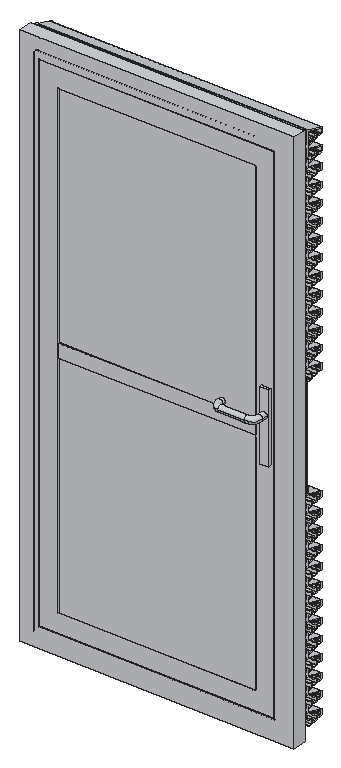
Revit family "NLRS_31_DO_WB_HS50R enkele deur-AV_jazo_jazo", category Doors, host Wall, Revit 2020 (continued)
Definition of nested family "NLRS_31_GM_UN_scharnier staal HS50R HJ55-AV"
  Forms (mm)
    Extrusion 2, solid, material <- "NLRS_C_materiaal", visible <- "NLRS_C_zichtbaar_01"
      sketch origin (0, 0, 0) x (1, 0, 0) y (0, 1, 0)
        loop
          circle (0, 0) r 9.5
      from 84 to 159
    Extrusion 3, solid, material <- "NLRS_C_materiaal", visible <- "NLRS_C_zichtbaar_01"
      sketch origin (0, 0, 0) x (1, 0, 0) y (0, 1, 0)
        loop
          circle (0, 0) r 9
      from 75 to 84
    Extrusion 4, solid, material <- "NLRS_C_materiaal", visible <- "NLRS_C_zichtbaar_01"
      sketch origin (0, 0, 0) x (1, 0, 0) y (0, 1, 0)
        loop
          circle (0, 0) r 8.5
      from 0 to 75
    Extrusion 5, solid, material <- "NLRS_C_materiaal", visible <- "NLRS_C_zichtbaar_01"
      sketch origin (0, 0, 0) x (1, 0, 0) y (0, 1, 0)
        loop
          line (-5, -68) -> (-1, -72) -> (24.5, -72) -> (24.5, -74) -> (75, -74) -> (75, -68)
          arc (75, -68) -> (73.536, -64.464) -> (70, -63) r 5
          line (70, -63) -> (13, -63)
          arc (13, -63) -> (7.343, -60.657) -> (5, -55) r 8
          line (5, -55) -> (5, -9.5) -> (-5, -9.5) -> (-5, -68)
      from 89.5 to 153.5
  Dimensions and locks
    locked: plane 5 "Left" to plane 3 "Center (Left/Right)" at 20
    locked: plane 4 "voorkant kozijn" to plane 1 "Center (Front/Back)" at 74
    aligned and locked: level to plane 2 "Bottom"
Definition of nested family "NLRS_31_GM_UN_aluminium kozijn-AV"
  Parameters (values of type "aluminium kozijn")
    URL = "www.jazo.com"
    NLRS_C_zichtbaar_01 = no
    NLRS_C_materiaal = none
    NLRS_C_hoogte = 2000 mm
    NLRS_C_diepte = 50 mm
    NLRS_C_breedte = 1000 mm
    Model = "Aluminium kozijn"
    Manufacturer = "JAZO Zevenaar bv"
    Description = "Aluminium kozijn"
    Default Elevation = 0 mm
    Assembly Code = "23.30.10.11.11"
  Reference planes
    plane 1 "Center (Front/Back)": y = 0
    plane 2 "Bottom": z = 0
    plane 3 "Center (Left/Right)": x = 0
    plane 4 "Left": x = -500
    plane 5 "Right": x = 500
    plane 6 "Top": z = 2000
    plane 7 "voorkant kozijn": y = 25
    plane 8 "offset": y = 0
    plane 9 "achterkant kozijn": y = -25
    plane 10 "offset links 1": x = -480
    plane 11 "offset boven": z = 1980
    plane 12 "offset rechts 1": x = 480
    plane 13 "offset links 2": x = -448
    plane 14 "offset rechts 2": x = 448
  Forms (mm)
    Sweep 1, solid, material <- "NLRS_C_materiaal", visible <- "NLRS_C_zichtbaar_01"
      path origin (0, 0, 0) x (1, 0, 0) y (0, 0, 1)
        loop
          line (-500, 0) -> (500, 0) -> (500, 2000) -> (-500, 2000) -> (-500, 0)
      profile origin (0, 0, 0) x (0, 0, 1) y (0, -1, 0)
        loop
          line (0, 30) -> (0, -30) -> (20, -30) -> (20, 4.5) -> (52, 4.5) -> (52, 30) -> (0, 30)
    Sweep 2, solid, material <- "NLRS_C_materiaal", visible <- "NLRS_C_zichtbaar_01"
      path origin (0, 0, 0) x (1, 0, 0) y (0, 0, 1)
        loop
          line (-480, 1980) -> (480, 1980)
      profile origin (0, 0, 1980) x (0, 0, 1) y (0, -1, 0)
        loop
          line (0, 4.5) -> (-2, 4.5) -> (-2, -30) -> (-4.657, -39.654)
          arc (-4.657, -39.654) -> (-5.372, -40.723) -> (-6.589, -41.137) r 2
          line (-6.589, -41.137) -> (-13.04, -41.137) -> (-13.04, -43.137) -> (-6.589, -43.137)
          arc (-6.589, -43.137) -> (-4.154, -42.31) -> (-2.726, -40.172) r 4
          line (-2.726, -40.172) -> (0, -30) -> (0, 4.5)
  Lines and regions (mm)
    symbolic lines, visible <- "NLRS_C_zichtbaar_01"
      curve 1: line (-448, -25, 0) -> (448, -25, 0)
      curve 2: line (-480, 25, 0) -> (480, 25, 0)
      curve 3: line (0, 25, 1980) -> (0, 25, 20)
      curve 4: line (0, -25, 52) -> (0, -25, 1948)
      curve 5: line (-448, -4.5, 0) -> (448, -4.5, 0)
  Dimensions and locks
    "NLRS_C_hoogte": plane 6 "Top" to plane 2 "Bottom"
    "NLRS_C_breedte": plane 4 "Left" to plane 5 "Right"
    equal spacing: plane 4 "Left", plane 3 "Center (Left/Right)", plane 5 "Right"
    "NLRS_C_diepte": plane 7 "voorkant kozijn" to plane 9 "achterkant kozijn"
    equal spacing: plane 7 "voorkant kozijn", plane 1 "Center (Front/Back)", plane 9 "achterkant kozijn"
    locked: plane 4 "Left" to plane 10 "offset links 1" at 20
    locked: plane 6 "Top" to plane 11 "offset boven" at 20
    plane 12 "offset rechts 1" to plane 5 "Right" = 20 mm
    locked: plane 10 "offset links 1" to plane 13 "offset links 2" at 32
    locked: plane 14 "offset rechts 2" to plane 12 "offset rechts 1" at 32
    aligned and locked: level to plane 2 "Bottom"
    aligned and locked: plane 9 "achterkant kozijn" to nested 3
    aligned and locked: nested 4 to plane 9 "achterkant kozijn"
    aligned and locked: nested 1 to plane 9 "achterkant kozijn"
    aligned and locked: plane 9 "achterkant kozijn" to nested 2
    aligned and locked: Sweep 1 sketch curve to plane 6 "Top"
    aligned and locked: plane 5 "Right" to Sweep 1 sketch curve
    aligned and locked: Sweep 1 sketch curve to plane 4 "Left"
    aligned and locked: level to Sweep 1 sketch curve
    aligned and locked: plane 5 "Right" to nested 2
    aligned and locked: plane 4 "Left" to nested 1
    aligned and locked: plane 6 "Top" to nested 3
    aligned and locked: plane 2 "Bottom" to nested 4
    aligned and locked: Sweep 2 sketch curve to plane 11 "offset boven"
    aligned and locked: plane 12 "offset rechts 1" to Sweep 2 sketch curve
    aligned and locked: plane 10 "offset links 1" to Sweep 2 sketch curve
    aligned and locked: curve 1 to plane 9 "achterkant kozijn"
    aligned and locked: curve 2 to plane 7 "voorkant kozijn"
    aligned and locked: plane 11 "offset boven" to Sweep 2
    aligned and locked: plane 7 "voorkant kozijn" to curve 3
    aligned and locked: curve 4 to plane 9 "achterkant kozijn"
  Automatic sketch dimensions
    Sweep 1 sketch curve to profile plane = 0 mm
    plane 1 "Center (Front/Back)" to Sweep 1 sketch curve = 4.5 mm
    Sweep 1 sketch curve to Sweep 1 sketch curve = 20 mm
    Sweep 1 sketch curve to Sweep 1 sketch curve = 32 mm
    Sweep 1 sketch curve to plane 1 "Center (Front/Back)" = 30 mm
    plane 1 "Center (Front/Back)" to Sweep 1 sketch curve = 30 mm
    Sweep 2 sketch curve to Sweep 2 sketch curve = 0 mm  (x3)
    profile plane to Sweep 2 sketch curve = 0 mm
    profile plane to Sweep 2 sketch curve = 2 mm
    profile plane to Sweep 2 sketch curve = 2.726 mm
    Sweep 2 sketch curve to Sweep 2 sketch curve = 1.932 mm  (x2)
    Sweep 2 sketch curve to Sweep 2 sketch curve = 6.451 mm
    Sweep 2 sketch curve to plane 1 "Center (Front/Back)" = 43.137 mm
    Sweep 2 sketch curve to Sweep 2 sketch curve = 2 mm
    Sweep 2 sketch curve to Sweep 2 sketch curve = 0.965 mm
    Sweep 2 sketch curve to Sweep 2 sketch curve = 10.172 mm
    plane 1 "Center (Front/Back)" to Sweep 2 sketch curve = 4.5 mm
    level to curve 3 = 20 mm
    level to curve 4 = 52 mm
    curve 4 to plane 11 "offset boven" = 32 mm
    curve 3 to plane 11 "offset boven" = 0 mm
    curve 2 to plane 10 "offset links 1" = 0 mm
    curve 5 to plane 13 "offset links 2" = 0 mm
    curve 1 to plane 13 "offset links 2" = 0 mm
    curve 5 to plane 14 "offset rechts 2" = 0 mm
    curve 1 to plane 14 "offset rechts 2" = 0 mm
    curve 2 to plane 12 "offset rechts 1" = 0 mm
    plane 1 "Center (Front/Back)" to curve 5 = 4.5 mm
  Nested families
    nested 1: "NLRS_31_DI_UN_alu kozijn detail" at (-500, 35, 0), visible <- "NLRS_C_zichtbaar_01", type "alu kozijn detail"
    nested 2: "NLRS_31_DI_UN_alu kozijn detail" at (500, 35, 0) x (-1, 0, 0) z (0, 0, 1), visible <- "NLRS_C_zichtbaar_01", type "alu kozijn detail"
    nested 3: "NLRS_31_DI_UN_alu kozijn detail" at (0, 35, 2000) x (0, 0, -1) z (1, 0, 0), visible <- "NLRS_C_zichtbaar_01", type "alu kozijn detail"
    nested 4: "NLRS_31_DI_UN_alu kozijn detail" at (0, 35, 0) x (0, 0, 1) z (1, 0, 0), visible <- "NLRS_C_zichtbaar_01", type "alu kozijn detail"
  Definition of nested family "NLRS_31_DI_UN_alu kozijn detail"
    Parameters (values of type "alu kozijn detail")
      URL = "www.jazo.com"
      Manufacturer = "Jazo Zevenaar BV"
      Description = "Aluminium kozijn detail"
      Assembly Code = "23.30.10.11.11"
    Reference planes
      plane 1 "Center (Front/Back)": y = 0
      plane 2: z = 0
      plane 3 "Center (Left/Right)": x = 0
    Lines and regions (mm)
      detail lines, in view "Ref. Level"
        curve 1: line (16.3, 18, 0) -> (16.3, 30, 0)
        curve 2: line (16.3, 30, 0) -> (18, 31.7, 0)
        curve 3: line (18, 31.7, 0) -> (18, 35.5, 0)
        curve 4: arc (18, 35.5, 0) -> (18.293, 36.207, 0) -> (19, 36.5, 0) r 1
        curve 5: line (19, 36.5, 0) -> (39.6, 36.5, 0)
        curve 6: line (39.6, 36.5, 0) -> (39.6, 38.3, 0)
        curve 7: arc (39.6, 38.3, 0) -> (39.893, 39.007, 0) -> (40.6, 39.3, 0) r 1
        curve 8: line (40.6, 39.3, 0) -> (50, 39.3, 0)
        curve 9: line (50, 39.3, 0) -> (50, 54.5, 0)
        curve 10: line (50, 54.5, 0) -> (48, 54.5, 0)
        curve 11: line (48, 54.5, 0) -> (48, 56, 0)
        curve 12: line (48, 56, 0) -> (50, 56, 0)
        curve 13: line (50, 56, 0) -> (50, 58, 0)
        curve 14: line (50, 58, 0) -> (18.3, 58, 0)
        curve 15: line (18.3, 58, 0) -> (18.3, 56, 0)
        curve 16: line (18.3, 56, 0) -> (20.3, 56, 0)
        curve 17: line (20.3, 56, 0) -> (20.3, 54.5, 0)
        curve 18: line (20.3, 54.5, 0) -> (18.3, 54.5, 0)
        curve 19: line (18.3, 54.5, 0) -> (18.3, 52, 0)
        curve 20: arc (18.3, 52, 0) -> (17.3, 51, 0) -> (16.3, 52, 0) r 1
        curve 21: line (16.3, 52, 0) -> (16.3, 58, 0)
        curve 22: line (16.3, 58, 0) -> (4, 58, 0)
        curve 23: line (4, 58, 0) -> (4, 48, 0)
        curve 24: line (4, 48, 0) -> (5.7, 47.019, 0)
        curve 25: line (5.7, 47.019, 0) -> (5.7, 38.1, 0)
        curve 26: line (5.7, 38.1, 0) -> (4, 37.119, 0)
        curve 27: line (4, 37.119, 0) -> (4, 29.491, 0)
        curve 28: line (4, 29.491, 0) -> (5.7, 28.51, 0)
        curve 29: line (5.7, 28.51, 0) -> (5.7, 12.981, 0)
        curve 30: line (5.7, 12.981, 0) -> (4, 12, 0)
        curve 31: line (4, 12, 0) -> (4, 4.5, 0)
        curve 32: line (4, 4.5, 0) -> (5.7, 3.519, 0)
        curve 33: line (5.7, 3.519, 0) -> (5.7, 2, 0)
        curve 34: line (5.7, 2, 0) -> (16.3, 2, 0)
        curve 35: line (16.3, 2, 0) -> (16.3, 9, 0)
        curve 36: line (16.3, 9, 0) -> (18, 9.981, 0)
        curve 37: line (18, 9.981, 0) -> (18, 16.3, 0)
        curve 38: line (18, 16.3, 0) -> (16.3, 18, 0)
        curve 39: line (42.724, 34.5, 0) -> (20, 34.5, 0)
        curve 40: line (20, 34.5, 0) -> (20, 25, 0)
        curve 41: line (20, 34.5, 0) -> (20, 0, 0)
        curve 42: line (20, 0, 0) -> (0, 0, 0)
        curve 43: line (0, 0, 0) -> (0, 2, 0)
        curve 44: line (0, 2, 0) -> (2, 2, 0)
        curve 45: line (2, 2, 0) -> (2, 12, 0)
        curve 46: line (2, 12, 0) -> (0, 12, 0)
        curve 47: line (0, 12, 0) -> (0, 14, 0)
        curve 48: line (0, 14, 0) -> (2, 14, 0)
        curve 49: line (2, 14, 0) -> (2, 46, 0)
        curve 50: line (2, 46, 0) -> (0, 46, 0)
        curve 51: line (0, 46, 0) -> (0, 48, 0)
        curve 52: line (0, 48, 0) -> (2, 48, 0)
        curve 53: line (2, 48, 0) -> (2, 58, 0)
        curve 54: line (2, 58, 0) -> (0, 58, 0)
        curve 55: line (0, 58, 0) -> (0, 60, 0)
        curve 56: line (0, 60, 0) -> (52, 60, 0)
        curve 57: line (52, 60, 0) -> (52, 34.5, 0)
        curve 58: line (52, 34.5, 0) -> (48.876, 34.5, 0)
        curve 59: line (42.724, 34.5, 0) -> (20, 34.5, 0)
        curve 60: line (41.6, 35.5, 0) -> (43, 35.5, 0)
        curve 61: line (41.6, 37.3, 0) -> (41.6, 35.5, 0)
        curve 62: line (50, 37.3, 0) -> (41.6, 37.3, 0)
        curve 63: line (50, 35.5, 0) -> (50, 37.3, 0)
        curve 64: line (48.6, 35.5, 0) -> (50, 35.5, 0)
        curve 65: arc (42.724, 34.5, 0) -> (43.243, 34.895, 0) -> (43, 35.5, 0) r 0.538
        curve 66: arc (48.876, 34.5, 0) -> (48.357, 34.895, 0) -> (48.6, 35.5, 0) r 0.538
Definition of nested family "NLRS_31_GM_UN_aluminium planken opbouwroosters-AV"
  Parameters (values of type "aluminium planken")
    URL = "www.jazo.com"
    NLRS_C_zichtbaar_02 = if(JAZO_C_aluminium kozijn, if(and(NLRS_C_inbraakwerend, JAZO_C_ventilerend), 1 < 2, if(and(NLRS_C_inbraakwerend, JAZO_C_ventilerend), 1 < 2, 2 < 1)), 2 < 1)  # no
    NLRS_C_zichtbaar_01 = if(JAZO_C_aluminium kozijn, if(or(JAZO_C_niet ventilerend, NLRS_C_zichtbaar_02), 1 < 2, 2 < 1), 2 < 1)  # yes
    NLRS_C_offset_01 = 10 mm
    NLRS_C_materiaal = none
    NLRS_C_inbraakwerend = no
    NLRS_C_hoogte_04 = (NLRS_C_hoogte / 2) - 102.5 mm - 138 mm  # 1159.5 mm
    NLRS_C_hoogte_03 = (NLRS_C_hoogte / 2) - 102.5 mm - 142 mm  # 1155.5 mm
    NLRS_C_hoogte_02 = NLRS_C_hoogte - 33 mm - 37 mm  # 2730 mm
    NLRS_C_hoogte = 2800 mm
    NLRS_C_diepte = 60 mm  # constant formula
    NLRS_C_breedte_03 = NLRS_C_breedte - (129 mm * 2)  # 1142 mm
    NLRS_C_breedte_02 = NLRS_C_breedte - (123.5 mm * 2)  # 1153 mm
    NLRS_C_breedte_01 = NLRS_C_breedte - 24 mm * 2  # 1352 mm
    NLRS_C_breedte = 1400 mm
    NLRS_C_aantal_02 = NLRS_C_hoogte_04 / 20 mm  # 58
    NLRS_C_aantal_01 = NLRS_C_hoogte_03 / 20 mm  # 58
    Model = ""
    Manufacturer = "JAZO Zevenaar bv"
    Keynote = ""
    JAZO_C_ventilerend = no
    JAZO_C_niet ventilerend = yes
    JAZO_C_aluminium kozijn = yes
    Description = "Aluminium planken"
    Default Elevation = 0 mm
    Assembly Code = "23.30.10.11"
  Reference planes
    plane 1 "Center (Front/Back)": y = 0
    plane 2 "Bottom": z = 0
    plane 3 "Center (Left/Right)": x = 0
    plane 4 "Left": x = -700
    plane 5 "Right": x = 700
    plane 6 "Top": z = 2800
    plane 7 "voorkant kozijn": y = 30
    plane 8 "achterkant kozijn": y = -30
    plane 9 "offset b": z = 2763
    plane 10 "offset o": z = 33
    plane 11 "onder 1": z = 138
    plane 12 "boven 1": z = 1297.5
    plane 13 "Center (Elevation)": z = 1400
    plane 14 "onder 2": z = 1502.5
    plane 15 "boven 2": z = 2658
    plane 16 "offset left": x = -676
    plane 17 "boven 3": x = 676
    plane 18 "offset links 2": x = -571
    plane 19 "offset rechts 2": x = 571
    plane 20 "offset bottom": y = -7.192
    plane 21 "offset top": y = 7.192
    plane 22 "achterkant plank": y = -15.008
    plane 23 "voorkant plank": y = 15.008
    plane 24: x = -561
    plane 25: x = 561
    plane 26: z = 2648
    plane 27: z = 1512.5
    plane 28: z = 1287.5
    plane 29: z = 148
  Forms (mm)
    Extrusion 1, solid, material <- "NLRS_C_materiaal", visible <- "NLRS_C_zichtbaar_01"
      sketch origin (0, 0, 0) x (1, 0, 0) y (0, 0, 1)
        loop
          line (-571, 2658) -> (-571, 1502.5) -> (571, 1502.5) -> (571, 2658) -> (-571, 2658)
        loop
          line (-571, 1297.5) -> (-571, 138) -> (571, 138) -> (571, 1297.5) -> (-571, 1297.5)
      from -7.192 to 7.192
    Extrusion 2, solid, visible <- "NLRS_C_zichtbaar_02"
      sketch origin (1000, 0, 0) x (1, 0, 0) y (0, 0, 1)
        loop
          line (-1561, 2648) -> (-1561, 1512.5) -> (-439, 1512.5) -> (-439, 2648) -> (-1561, 2648)
        loop
          line (-1561, 1287.5) -> (-1561, 148) -> (-439, 148) -> (-439, 1287.5) -> (-1561, 1287.5)
      from -7.192 to 7.192
  Lines and regions (mm)
    symbolic lines, visible <- "JAZO_C_aluminium kozijn"
      curve 1: line (-576.485, -15.008, 0) -> (576.485, -15.008, 0)
      curve 2: line (576.485, 15.008, 0) -> (-576.485, 15.008, 0)
  Dimensions and locks
    "NLRS_C_hoogte": plane 6 "Top" to plane 2 "Bottom"
    "NLRS_C_breedte": plane 4 "Left" to plane 5 "Right"
    equal spacing: plane 4 "Left", plane 3 "Center (Left/Right)", plane 5 "Right"
    "NLRS_C_diepte": plane 7 "voorkant kozijn" to plane 8 "achterkant kozijn"
    equal spacing: plane 7 "voorkant kozijn", plane 1 "Center (Front/Back)", plane 8 "achterkant kozijn"
    locked: plane 10 "offset o" to plane 2 "Bottom" at 33
    locked: plane 6 "Top" to plane 9 "offset b" at 37
    plane 9 "offset b" to plane 10 "offset o" = 2730 mm
    equal spacing: plane 6 "Top", plane 13 "Center (Elevation)", plane 2 "Bottom"
    locked: plane 13 "Center (Elevation)" to plane 12 "boven 1" at 102.5
    locked: plane 11 "onder 1" to plane 2 "Bottom" at 138
    locked: plane 14 "onder 2" to plane 13 "Center (Elevation)" at 102.5
    locked: plane 6 "Top" to plane 15 "boven 2" at 142
    equal spacing: plane 16 "offset left", plane 3 "Center (Left/Right)", plane 17 "boven 3"
    "NLRS_C_breedte_01": plane 16 "offset left" to plane 17 "boven 3"
    "NLRS_C_breedte_03": plane 18 "offset links 2" to plane 19 "offset rechts 2"
    equal spacing: plane 18 "offset links 2", plane 3 "Center (Left/Right)", plane 19 "offset rechts 2"
    equal spacing: plane 22 "achterkant plank", plane 1 "Center (Front/Back)", plane 23 "voorkant plank"
    locked: plane 22 "achterkant plank" to plane 23 "voorkant plank" at 30.015
    locked: plane 21 "offset top" to plane 20 "offset bottom" at 14.385
    equal spacing: plane 21 "offset top", plane 1 "Center (Front/Back)", plane 20 "offset bottom"
    "NLRS_C_offset_01": plane 29 to plane 11 "onder 1"
    "NLRS_C_offset_01": plane 12 "boven 1" to plane 28
    "NLRS_C_offset_01": plane 27 to plane 14 "onder 2"
    "NLRS_C_offset_01": plane 15 "boven 2" to plane 26
    "NLRS_C_offset_01": plane 19 "offset rechts 2" to plane 25
    "NLRS_C_offset_01": plane 24 to plane 18 "offset links 2"
    aligned and locked: level to plane 2 "Bottom"
    aligned and locked: plane 1 "Center (Front/Back)" to nested 1
    aligned and locked: nested 1 to plane 16 "offset left"
    aligned and locked: plane 17 "boven 3" to nested 2
    aligned and locked: plane 10 "offset o" to nested 1
    aligned and locked: nested 2 to plane 10 "offset o"
    aligned and locked: plane 9 "offset b" to nested 3
    aligned and locked: plane 1 "Center (Front/Back)" to nested 3
    aligned and locked: plane 3 "Center (Left/Right)" to nested 3
    aligned and locked: plane 3 "Center (Left/Right)" to nested 4
    aligned and locked: plane 1 "Center (Front/Back)" to nested 4
    aligned and locked: plane 10 "offset o" to nested 4
    aligned and locked: plane 3 "Center (Left/Right)" to nested 5
    aligned and locked: plane 1 "Center (Front/Back)" to nested 5
    aligned and locked: plane 13 "Center (Elevation)" to nested 5
    aligned and locked: Extrusion 1 sketch curve to plane 15 "boven 2"
    aligned and locked: plane 18 "offset links 2" to Extrusion 1 sketch curve  (x2)
    aligned and locked: Extrusion 1 sketch curve to plane 14 "onder 2"
    aligned and locked: Extrusion 1 sketch curve to plane 19 "offset rechts 2"
    aligned and locked: Extrusion 1 sketch curve to plane 12 "boven 1"
    aligned and locked: Extrusion 1 sketch curve to plane 11 "onder 1"
    aligned and locked: plane 19 "offset rechts 2" to Extrusion 1 sketch curve
    aligned and locked: Extrusion 1 to plane 21 "offset top"
    aligned and locked: Extrusion 1 to plane 20 "offset bottom"
    aligned and locked: plane 22 "achterkant plank" to curve 1
    aligned and locked: plane 23 "voorkant plank" to curve 2
    aligned and locked: Extrusion 2 to plane 20 "offset bottom"
    aligned and locked: Extrusion 2 to plane 21 "offset top"
    aligned and locked: plane 24 to Extrusion 2 sketch curve  (x2)
    aligned and locked: plane 26 to Extrusion 2 sketch curve
    aligned and locked: Extrusion 2 sketch curve to plane 25  (x2)
    aligned and locked: plane 27 to Extrusion 2 sketch curve
    aligned and locked: Extrusion 2 sketch curve to plane 28
    aligned and locked: Extrusion 2 sketch curve to plane 29
  Automatic sketch dimensions
    curve 2 to plane 18 "offset links 2" = 5.485 mm
    curve 1 to plane 18 "offset links 2" = 5.485 mm
    curve 2 to plane 19 "offset rechts 2" = 5.485 mm
    curve 1 to plane 19 "offset rechts 2" = 5.485 mm
  Nested families
    nested 1: "NLRS_31_GM_UN_tussenplank 100-AV" at (-623.5, 0, 33), visible <- "JAZO_C_aluminium kozijn", type "tussenplank 100"
      with NLRS_C_zichtbaar_01 yes, NLRS_C_hoogte 2730 mm
    nested 2: "NLRS_31_GM_UN_tussenplank 100-AV" at (623.5, 0, 33) x (-1, 0, 0) z (0, 0, 1), visible <- "JAZO_C_aluminium kozijn", type "tussenplank 100"
      with NLRS_C_zichtbaar_01 yes, NLRS_C_hoogte 2730 mm
    nested 3: "NLRS_31_GM_UN_tussenplank 100 horziontaal-AV" at (0, 0, 2658), visible <- "JAZO_C_aluminium kozijn", type "tussenplank 100mm horzitontaal boven"
    nested 4: "NLRS_31_GM_UN_tussenplank 100 horziontaal-AV" at (0, 0, 33), visible <- "JAZO_C_aluminium kozijn", type "tussenplank 100mm horzitontaal onder"
    nested 5: "NLRS_31_GM_UN_tussenplank 200 horizontaal-AV" at (0, 0, 1297.5), visible <- "JAZO_C_aluminium kozijn", type "tussenplank 200mm"
      with NLRS_C_zichtbaar_01 yes, NLRS_C_breedte 1153 mm
  Definition of nested family "NLRS_31_GM_UN_tussenplank 100-AV"
    Parameters (values of type "tussenplank 100")
      URL = "www.jazo.com"
      NLRS_C_zichtbaar_01 [instance] = yes
      NLRS_C_materiaal = none
      NLRS_C_hoogte = 2334 mm
      NLRS_C_breedte = 105 mm  # constant formula
      Model = ""
      Manufacturer = "Jazo Zevenaar bv"
      Description = "Aluminium tussenplank 100mm"
      Default Elevation = 0 mm
      Assembly Code = "23.30.10.11"
    Reference planes
      plane 1 "Center (Front/Back)": y = 0
      plane 2 "Bottom": z = 0
      plane 3 "Center (Left/Right)": x = 0
      plane 4 "Left": x = -52.5
      plane 5 "Right": x = 52.5
      plane 6 "Top": z = 2334
    Forms (mm)
      Extrusion 1, solid, material <- "NLRS_C_materiaal", visible <- "NLRS_C_zichtbaar_01"
        sketch origin (0, -15.008, 0) x (1, 0, 0) y (0, 1, 0)
          loop
            line (47.015, 30) -> (-52.5, 30) -> (-52.5, 28) -> (-49.253, 28) -> (-47.015, 22.295) -> (-47.015, 7.721) -> (-49.253, 2) -> (-52.5, 2) -> (-52.5, 0) -> (47.015, 0) -> (47.015, 2.5) -> (50.42, 2.5) -> (52.5, 7.815) -> (52.5, 22.2) -> (50.42, 27.5) -> (47.015, 27.5) -> (47.015, 30)
          loop
            line (-44.5, 2) -> (-36.3, 2) -> (-36.3, 4.5) -> (-34.3, 4.5) -> (-34.3, 2) -> (45.015, 2) -> (45.015, 4.25) -> (49.8, 4.25) -> (49.8, 25.75) -> (45.015, 25.75) -> (45.015, 28) -> (-34.3, 28) -> (-34.3, 25.5) -> (-36.3, 25.5) -> (-36.3, 28) -> (-44.5, 28) -> (-44.5, 2)
        from 0 to 2334
    Dimensions and locks
      equal spacing: plane 4 "Left", plane 3 "Center (Left/Right)", plane 5 "Right"
      "NLRS_C_breedte": plane 4 "Left" to plane 5 "Right"
      "NLRS_C_hoogte": plane 6 "Top" to plane 2 "Bottom"
      aligned and locked: level to plane 2 "Bottom"
      aligned and locked: plane 6 "Top" to Extrusion 1
      aligned and locked: Extrusion 1 to level
    Automatic sketch dimensions
      Extrusion 1 sketch curve to plane 4 "Left" = 0 mm  (x2)
      Extrusion 1 sketch curve to plane 5 "Right" = 0 mm
      Extrusion 1 sketch curve to plane 4 "Left" = 3.247 mm  (x2)
      Extrusion 1 sketch curve to plane 4 "Left" = 5.485 mm
      Extrusion 1 sketch curve to Extrusion 1 sketch curve = 4.753 mm
      Extrusion 1 sketch curve to Extrusion 1 sketch curve = 8.2 mm  (x2)
      Extrusion 1 sketch curve to Extrusion 1 sketch curve = 2 mm  (x6)
      plane 5 "Right" to Extrusion 1 sketch curve = 7.485 mm  (x2)
      plane 5 "Right" to Extrusion 1 sketch curve = 2.7 mm
      Extrusion 1 sketch curve to Extrusion 1 sketch curve = 0.62 mm  (x2)
      plane 1 "Center (Front/Back)" to Extrusion 1 sketch curve = 15.008 mm
      plane 1 "Center (Front/Back)" to Extrusion 1 sketch curve = 13.008 mm
      Extrusion 1 sketch curve to Extrusion 1 sketch curve = 0 mm  (x3)
      Extrusion 1 sketch curve to Extrusion 1 sketch curve = 2.5 mm  (x2)
      Extrusion 1 sketch curve to Extrusion 1 sketch curve = 2.25 mm
      Extrusion 1 sketch curve to Extrusion 1 sketch curve = 5.721 mm
      Extrusion 1 sketch curve to Extrusion 1 sketch curve = 3.565 mm
      Extrusion 1 sketch curve to plane 1 "Center (Front/Back)" = 7.192 mm
      Extrusion 1 sketch curve to plane 1 "Center (Front/Back)" = 7.287 mm
      Extrusion 1 sketch curve to plane 1 "Center (Front/Back)" = 10.492 mm
      Extrusion 1 sketch curve to Extrusion 1 sketch curve = 3.55 mm
      Extrusion 1 sketch curve to Extrusion 1 sketch curve = 1.75 mm
      Extrusion 1 sketch curve to Extrusion 1 sketch curve = 0.5 mm
  Definition of nested family "NLRS_31_GM_UN_tussenplank 100 horziontaal-AV"
    Parameters (values of type "tussenplank 100mm horzitontaal boven")
      URL = "www.jazo.com"
      NLRS_C_zichtbaar_02 = yes
      NLRS_C_zichtbaar_01 = no
      NLRS_C_materiaal = none
      NLRS_C_hoogte = 105 mm  # constant formula
      NLRS_C_breedte = 1153 mm
      Model = ""
      Manufacturer = "Jazo Zevenaar bv"
      Description = "Aluminium tussenplank 100mm horzitontaal boven"
      Default Elevation = 0 mm
      Assembly Code = "23.30.10.11"
    Types (2, lengths in mm): name | NLRS_C_zichtbaar_02 | NLRS_C_zichtbaar_01 | Description
      tussenplank 100mm horzitontaal boven | yes | no | "Aluminium tussenplank 100mm horzitontaal boven"
      tussenplank 100mm horzitontaal onder | no | yes | "Aluminium tussenplank 100mm horzitontaal onder"
    Reference planes
      plane 1 "Center (Front/Back)": y = 0
      plane 2 "Bottom": z = 0
      plane 3 "Center (Left/Right)": x = 0
      plane 4 "Left": x = -576.5
      plane 5 "Right": x = 576.5
      plane 6 "Top": z = 105
    Forms (mm)
      Extrusion 1, solid, material <- "NLRS_C_materiaal", visible <- "NLRS_C_zichtbaar_01"
        sketch origin (0, 0, 0) x (0, 1, 0) y (0, 0, 1)
          loop
            line (14.992, 99.515) -> (12.492, 99.515) -> (12.492, 102.92) -> (7.192, 105) -> (-7.192, 105) -> (-12.508, 102.92) -> (-12.508, 99.515) -> (-15.008, 99.515) -> (-15.008, 0) -> (-13.008, 0) -> (-13.008, 3.247) -> (-7.287, 5.485) -> (7.287, 5.485) -> (12.992, 3.247) -> (12.992, 0) -> (14.992, 0) -> (14.992, 99.515)
          loop
            line (-13.008, 8) -> (12.992, 8) -> (12.992, 16.2) -> (10.492, 16.2) -> (10.492, 18.2) -> (12.992, 18.2) -> (12.992, 97.515) -> (10.742, 97.515) -> (10.742, 102.3) -> (-10.758, 102.3) -> (-10.758, 97.515) -> (-13.008, 97.515) -> (-13.008, 18.2) -> (-10.508, 18.2) -> (-10.508, 16.2) -> (-13.008, 16.2) -> (-13.008, 8)
        from -576.5 to 576.5
      Extrusion 2, solid, material <- "NLRS_C_materiaal", visible <- "NLRS_C_zichtbaar_02"
        sketch origin (0, -0.008, 105) x (0, -1, 0) y (0, 0, -1)
          loop
            line (14.992, 99.515) -> (12.492, 99.515) -> (12.492, 102.92) -> (7.192, 105) -> (-7.192, 105) -> (-12.508, 102.92) -> (-12.508, 99.515) -> (-15.008, 99.515) -> (-15.008, 0) -> (-13.008, 0) -> (-13.008, 3.247) -> (-7.287, 5.485) -> (7.287, 5.485) -> (12.992, 3.247) -> (12.992, 0) -> (14.992, 0) -> (14.992, 99.515)
          loop
            line (-13.008, 8) -> (12.992, 8) -> (12.992, 16.2) -> (10.492, 16.2) -> (10.492, 18.2) -> (12.992, 18.2) -> (12.992, 97.515) -> (10.742, 97.515) -> (10.742, 102.3) -> (-10.758, 102.3) -> (-10.758, 97.515) -> (-13.008, 97.515) -> (-13.008, 18.2) -> (-10.508, 18.2) -> (-10.508, 16.2) -> (-13.008, 16.2) -> (-13.008, 8)
        from -576.5 to 576.5
    Dimensions and locks
      equal spacing: plane 4 "Left", plane 3 "Center (Left/Right)", plane 5 "Right"
      "NLRS_C_breedte": plane 4 "Left" to plane 5 "Right"
      "NLRS_C_hoogte": plane 6 "Top" to plane 2 "Bottom"
      aligned and locked: level to plane 2 "Bottom"
      aligned and locked: plane 4 "Left" to Extrusion 1
      aligned and locked: Extrusion 1 to plane 5 "Right"
      aligned and locked: plane 4 "Left" to Extrusion 2
      aligned and locked: Extrusion 2 to plane 5 "Right"
    Automatic sketch dimensions
      plane 1 "Center (Front/Back)" to Extrusion 1 sketch curve = 15.008 mm
      Extrusion 1 sketch curve to Extrusion 1 sketch curve = 2 mm  (x5)
      level to Extrusion 1 sketch curve = 18.2 mm
      Extrusion 1 sketch curve to Extrusion 1 sketch curve = 0 mm  (x5)
      Extrusion 1 sketch curve to Extrusion 1 sketch curve = 2.5 mm  (x2)
      Extrusion 1 sketch curve to Extrusion 1 sketch curve = 2.25 mm
      Extrusion 1 sketch curve to Extrusion 1 sketch curve = 5.721 mm
      Extrusion 1 sketch curve to Extrusion 1 sketch curve = 3.565 mm
      Extrusion 1 sketch curve to Extrusion 1 sketch curve = 14.385 mm
      Extrusion 1 sketch curve to Extrusion 1 sketch curve = 14.574 mm
      level to Extrusion 1 sketch curve = 16.2 mm  (x2)
      Extrusion 1 sketch curve to Extrusion 1 sketch curve = 3.205 mm
      Extrusion 1 sketch curve to Extrusion 1 sketch curve = 3.55 mm
      Extrusion 1 sketch curve to Extrusion 1 sketch curve = 1.75 mm
      Extrusion 1 sketch curve to Extrusion 1 sketch curve = 0.5 mm
      level to Extrusion 1 sketch curve = 3.247 mm  (x2)
      Extrusion 1 sketch curve to Extrusion 1 sketch curve = 3.247 mm  (x2)
      Extrusion 1 sketch curve to Extrusion 1 sketch curve = 2.239 mm
      Extrusion 1 sketch curve to Extrusion 1 sketch curve = 4.753 mm
      Extrusion 1 sketch curve to Extrusion 1 sketch curve = 79.315 mm
      Extrusion 1 sketch curve to Extrusion 1 sketch curve = 2.785 mm
      Extrusion 1 sketch curve to Extrusion 1 sketch curve = 0.62 mm  (x2)
      Extrusion 1 sketch curve to Extrusion 1 sketch curve = 2.7 mm
      Extrusion 2 sketch curve to plane 6 "Top" = 0 mm  (x2)
      Extrusion 2 sketch curve to level = 0 mm
      level to Extrusion 2 sketch curve = 5.485 mm
      Extrusion 2 sketch curve to plane 1 "Center (Front/Back)" = 15 mm
      Extrusion 2 sketch curve to Extrusion 2 sketch curve = 2 mm  (x6)
      Extrusion 2 sketch curve to Extrusion 2 sketch curve = 0 mm  (x4)
      level to Extrusion 2 sketch curve = 2.08 mm  (x2)
      Extrusion 2 sketch curve to Extrusion 2 sketch curve = 2.5 mm  (x2)
      Extrusion 2 sketch curve to Extrusion 2 sketch curve = 2.25 mm
      Extrusion 2 sketch curve to Extrusion 2 sketch curve = 5.721 mm
      Extrusion 2 sketch curve to Extrusion 2 sketch curve = 3.565 mm
      Extrusion 2 sketch curve to Extrusion 2 sketch curve = 14.385 mm
      Extrusion 2 sketch curve to plane 6 "Top" = 5.485 mm
      Extrusion 2 sketch curve to Extrusion 2 sketch curve = 14.574 mm
      Extrusion 2 sketch curve to Extrusion 2 sketch curve = 3.205 mm
      Extrusion 2 sketch curve to Extrusion 2 sketch curve = 3.55 mm
      Extrusion 2 sketch curve to Extrusion 2 sketch curve = 1.75 mm
      Extrusion 2 sketch curve to Extrusion 2 sketch curve = 0.5 mm
      Extrusion 2 sketch curve to plane 6 "Top" = 3.247 mm
      Extrusion 2 sketch curve to Extrusion 2 sketch curve = 3.247 mm
      Extrusion 2 sketch curve to Extrusion 2 sketch curve = 4.753 mm
      Extrusion 2 sketch curve to Extrusion 2 sketch curve = 8.2 mm  (x2)
      Extrusion 2 sketch curve to Extrusion 2 sketch curve = 5.406 mm
      Extrusion 2 sketch curve to Extrusion 2 sketch curve = 0.62 mm
  Definition of nested family "NLRS_31_GM_UN_tussenplank 200 horizontaal-AV"
    Parameters (values of type "tussenplank 200mm")
      URL = "www.jazo.com"
      NLRS_C_zichtbaar_01 [instance] = yes
      NLRS_C_materiaal = none
      NLRS_C_hoogte = 205 mm  # constant formula
      NLRS_C_breedte = 1027 mm
      Model = ""
      Manufacturer = "Jazo Zevenaar bv"
      Description = "Aluminium tussenplank 200mm"
      Default Elevation = 0 mm
      Assembly Code = "23.30.10.11"
    Reference planes
      plane 1 "Center (Front/Back)": y = 0
      plane 2 "Bottom": z = 0
      plane 3 "Center (Left/Right)": x = 0
      plane 4 "Top": z = 205
      plane 5 "Left": x = -513.5
      plane 6 "Right": x = 513.5
      plane 7 "Center (Elevation)": z = 102.5
    Forms (mm)
      Extrusion 1, solid, material <- "NLRS_C_materiaal"
        sketch origin (0, 0, 0) x (0, 1, 0) y (0, 0, 1)
          loop
            line (14.992, 101.796) -> (14.284, 102.504) -> (14.992, 103.212) -> (14.992, 199.515) -> (12.492, 199.515) -> (12.492, 202.92) -> (7.192, 205) -> (-7.192, 205) -> (-12.508, 202.92) -> (-12.508, 199.515) -> (-15.008, 199.515) -> (-15.008, 103.207) -> (-14.301, 102.5) -> (-15.008, 101.793) -> (-15.008, 0) -> (-13.008, 0) -> (-13.008, 3.21) -> (-7.192, 5.485) -> (7.192, 5.485) -> (12.992, 3.21) -> (12.992, 0) -> (14.992, 0) -> (14.992, 101.796)
          loop
            line (-13.008, 8) -> (12.992, 8) -> (12.992, 16.2) -> (10.492, 16.2) -> (10.492, 18.2) -> (12.992, 18.2) -> (12.992, 103.907) -> (-13.008, 103.907) -> (-13.008, 18.2) -> (-10.508, 18.2) -> (-10.508, 16.2) -> (-13.008, 16.2) -> (-13.008, 8)
          loop
            line (-13.008, 105.907) -> (12.992, 105.907) -> (12.992, 197.515) -> (10.742, 197.515) -> (10.742, 202.3) -> (-10.758, 202.3) -> (-10.758, 197.515) -> (-13.008, 197.515) -> (-13.008, 105.907)
        from -513.5 to 513.5
    Dimensions and locks
      equal spacing: plane 5 "Left", plane 3 "Center (Left/Right)", plane 6 "Right"
      "NLRS_C_breedte": plane 5 "Left" to plane 6 "Right"
      "NLRS_C_hoogte": plane 4 "Top" to plane 2 "Bottom"
      equal spacing: plane 4 "Top", plane 7 "Center (Elevation)", level
      aligned and locked: level to plane 2 "Bottom"
      aligned and locked: plane 5 "Left" to Extrusion 1
      aligned and locked: Extrusion 1 to plane 6 "Right"
    Automatic sketch dimensions
      plane 1 "Center (Front/Back)" to Extrusion 1 sketch curve = 15.008 mm
      Extrusion 1 sketch curve to Extrusion 1 sketch curve = 0 mm  (x5)
      Extrusion 1 sketch curve to Extrusion 1 sketch curve = 0.707 mm  (x2)
      Extrusion 1 sketch curve to Extrusion 1 sketch curve = 2 mm  (x8)
      Extrusion 1 sketch curve to Extrusion 1 sketch curve = 1.293 mm
      Extrusion 1 sketch curve to Extrusion 1 sketch curve = 2.5 mm  (x2)
      Extrusion 1 sketch curve to Extrusion 1 sketch curve = 1.75 mm  (x2)
      Extrusion 1 sketch curve to Extrusion 1 sketch curve = 3.565 mm
      Extrusion 1 sketch curve to Extrusion 1 sketch curve = 5.815 mm
      Extrusion 1 sketch curve to Extrusion 1 sketch curve = 14.385 mm  (x2)
      level to Extrusion 1 sketch curve = 18.2 mm  (x2)
      Extrusion 1 sketch curve to Extrusion 1 sketch curve = 3.3 mm
      Extrusion 1 sketch curve to Extrusion 1 sketch curve = 3.55 mm
      Extrusion 1 sketch curve to Extrusion 1 sketch curve = 5.8 mm
      Extrusion 1 sketch curve to Extrusion 1 sketch curve = 1.292 mm
      Extrusion 1 sketch curve to Extrusion 1 sketch curve = 0.708 mm  (x3)
      Extrusion 1 sketch curve to Extrusion 1 sketch curve = 8.2 mm
      Extrusion 1 sketch curve to Extrusion 1 sketch curve = 2.515 mm
      Extrusion 1 sketch curve to Extrusion 1 sketch curve = 4.79 mm  (x2)
      Extrusion 1 sketch curve to Extrusion 1 sketch curve = 3.21 mm  (x2)
      level to Extrusion 1 sketch curve = 101.793 mm
      Extrusion 1 sketch curve to Extrusion 1 sketch curve = 0.003 mm
      Extrusion 1 sketch curve to Extrusion 1 sketch curve = 1.407 mm
      Extrusion 1 sketch curve to Extrusion 1 sketch curve = 91.607 mm
      Extrusion 1 sketch curve to Extrusion 1 sketch curve = 2.785 mm
      Extrusion 1 sketch curve to Extrusion 1 sketch curve = 0.62 mm  (x2)
      Extrusion 1 sketch curve to Extrusion 1 sketch curve = 2.7 mm
Definition of nested family "NLRS_31_DI_UN_markering"
  Parameters (values of type "NLRS_C_31_DI_markering")
    URL = "www.jazo.com"
    NLRS_C_zichtbaar_01 = if(or(NLRS_C_brandwerend, NLRS_C_zelfsluitend), 1 < 2, 2 < 1)  # no
    NLRS_C_zelfsluitend = no
    NLRS_C_brandwerend = no
    Manufacturer = "JAZO Zevenaar bv"
    Description = "Markering detail"
  Reference planes
    plane 1 "Center (Front/Back)": y = 0
    plane 2: z = 0
    plane 3 "Center (Left/Right)": x = 0
    plane 4 "voorkant kozijn": y = 30
    plane 5 "achterkant kozijn": y = -30
    plane 6 "Right": x = 20
    plane 7 "Left": x = -20
    plane 8 "offset left": x = -25
    plane 9 "offset right": x = 25
    plane 10 "achterkant": y = -129.538
    plane 11 "voorkant": y = 129.538
  Lines and regions (mm)
    detail lines, in view "Ref. Level", visible <- "NLRS_C_zichtbaar_01"
      curve 1: line (0, -129.538, 0) -> (0, 129.538, 0)
    detail lines, in view "Ref. Level", visible <- "NLRS_C_brandwerend"
      curve 2: line (-20, -129.538, 0) -> (20, -101.53, 0)
      curve 3: line (20, -129.538, 0) -> (-20, -101.53, 0)
      curve 4: line (-20, -101.53, 0) -> (20, -73.522, 0)
      curve 5: line (20, -101.53, 0) -> (-20, -73.522, 0)
      curve 6: line (-20, 129.538, 0) -> (20, 101.53, 0)
      curve 7: line (20, 129.538, 0) -> (-20, 101.53, 0)
      curve 8: line (-20, 101.53, 0) -> (20, 73.522, 0)
      curve 9: line (20, 101.53, 0) -> (-20, 73.522, 0)
    detail lines, in view "Ref. Level", visible <- "NLRS_C_zelfsluitend"
      curve 10: line (-25, -70.021, 0) -> (25, -35.01, 0)
      curve 11: line (25, -35.01, 0) -> (-25, 0, 0)
      curve 12: line (-25, 0, 0) -> (25, 35.01, 0)
      curve 13: line (25, 35.01, 0) -> (-25, 70.021, 0)
  Dimensions and locks
    equal spacing: plane 5 "achterkant kozijn", plane 1 "Center (Front/Back)", plane 4 "voorkant kozijn"
    equal spacing: plane 7 "Left", plane 3 "Center (Left/Right)", plane 6 "Right"
    locked: plane 7 "Left" to plane 6 "Right" at 40
    locked: plane 8 "offset left" to plane 7 "Left" at 5
    locked: plane 6 "Right" to plane 9 "offset right" at 5
    equal spacing: plane 11 "voorkant", plane 1 "Center (Front/Back)", plane 10 "achterkant"
    locked: plane 11 "voorkant" to plane 10 "achterkant" at 259.077
    locked: plane 5 "achterkant kozijn" to plane 4 "voorkant kozijn" at 60
    aligned and locked: plane 3 "Center (Left/Right)" to curve 1
  Automatic sketch dimensions
    curve 12 to plane 8 "offset left" = 0 mm
    curve 10 to plane 8 "offset left" = 0 mm
    curve 13 to plane 8 "offset left" = 0 mm
    curve 3 to plane 7 "Left" = 0 mm
    curve 8 to plane 7 "Left" = 0 mm
    curve 9 to plane 7 "Left" = 0 mm
    curve 5 to plane 7 "Left" = 0 mm
    curve 6 to plane 7 "Left" = 0 mm
    curve 8 to plane 6 "Right" = 0 mm
    curve 9 to plane 6 "Right" = 0 mm
    curve 7 to plane 6 "Right" = 0 mm
    curve 2 to plane 6 "Right" = 0 mm
    curve 3 to plane 6 "Right" = 0 mm
    curve 4 to plane 6 "Right" = 0 mm
    curve 13 to plane 9 "offset right" = 0 mm
    curve 11 to plane 9 "offset right" = 0 mm
    plane 5 "achterkant kozijn" to curve 3 = 71.53 mm
    curve 3 to curve 2 = 0 mm
    plane 5 "achterkant kozijn" to curve 10 = 5.01 mm
    plane 1 "Center (Front/Back)" to curve 12 = 0 mm
    curve 12 to plane 4 "voorkant kozijn" = 5.01 mm
    curve 12 to curve 6 = 66.52 mm
    curve 7 to curve 6 = 0 mm
    curve 3 to curve 2 = 28.008 mm
    curve 2 to curve 4 = 28.008 mm
    curve 3 to curve 5 = 28.008 mm
    curve 5 to curve 10 = 3.501 mm
    curve 13 to curve 7 = 31.509 mm
    curve 8 to curve 6 = 28.008 mm
    curve 13 to curve 9 = 3.501 mm
    curve 7 to curve 1 = 28.008 mm
    curve 6 to curve 1 = 0 mm
    curve 1 to curve 7 = 0 mm
    curve 2 to plane 7 "Left" = 0 mm
    curve 2 to curve 3 = 28.008 mm
    curve 1 to curve 3 = 0 mm
Definition of nested family "NLRS_31_GA_UN_error message"
  Parameters (values of type "NLRS_31_GA_UN_error mesage")
    NLRS_C_zichtbaar_10 = if(NLRS_C_zichtbaar_01, 1 < 2, if(NLRS_C_zichtbaar_02, 1 < 2, if(NLRS_C_zichtbaar_03, 1 < 2, if(NLRS_C_zichtbaar_04, 1 < 2, if(NLRS_C_zichtbaar_05, 1 < 2, 2 < 1)))))  # yes
    NLRS_C_zichtbaar_05 = if(and(JAZO_C_aluminium kozijn, NLRS_C_brandwerend), 1 < 2, 2 < 1)  # yes
    NLRS_C_zichtbaar_04 = if(NLRS_C_breedte < NLRS_C_breedte_min, 1 < 2, 2 < 1)  # no
    NLRS_C_zichtbaar_03 = if(NLRS_C_breedte > NLRS_C_breedte_max, 1 < 2, 2 < 1)  # no
    NLRS_C_zichtbaar_02 = if(NLRS_C_hoogte < NLRS_C_hoogte_min, 1 < 2, 2 < 1)  # no
    NLRS_C_zichtbaar_01 = if(NLRS_C_hoogte > NLRS_C_hoogte_max, 1 < 2, 2 < 1)  # no
    NLRS_C_hoogte_min = 1850 mm
    NLRS_C_hoogte_max = 2645 mm
    NLRS_C_hoogte = 2500 mm
    NLRS_C_breedte_min = 850 mm
    NLRS_C_breedte_max = 1661 mm
    NLRS_C_breedte = 1000 mm
    NLRS_C_brandwerend = yes
    JAZO_C_aluminium kozijn = yes
  Reference planes
    plane 1: y = 0
    plane 2: x = 0
  Lines and regions (mm)
    Filled region 1, type "Zwart", not visible
      outline origin (253.64, 140.595, 0) x (1, 0, 0) y (0, 1, 0)
        loop
          line (134.592, 287.146) -> (41.891, 131.062)
          arc (41.891, 131.062) -> (41.863, 128.047) -> (44.47, 126.53) r 3
          line (44.47, 126.53) -> (229.873, 126.53)
          arc (229.873, 126.53) -> (232.48, 128.047) -> (232.452, 131.062) r 3
          line (232.452, 131.062) -> (139.751, 287.146)
          arc (139.751, 287.146) -> (137.171, 288.614) -> (134.592, 287.146) r 3
        loop
          line (62.04, 139.53) -> (212.303, 139.53) -> (137.171, 266.031) -> (62.04, 139.53)
    Filled region 2, type "Geel", not visible
      outline origin (253.64, 140.595, 0) x (1, 0, 0) y (0, 1, 0)
        loop
          line (62.04, 139.53) -> (212.303, 139.53) -> (137.171, 266.031) -> (62.04, 139.53)
    Filled region 3, type "Zwart", not visible
      outline origin (253.64, 140.595, 0) x (1, 0, 0) y (0, 1, 0)
        loop
          line (127.78, 234.406) -> (132.476, 171.156) -> (141.867, 171.156) -> (146.563, 234.406) -> (127.78, 234.406)
        loop
          circle (137.171, 160.994) r 7.044
    Filled region 4, type "Rood 2", visible <- "NLRS_C_zichtbaar_10"
      outline origin (0, 0, 0) x (1, 0, 0) y (0, 1, 0)
        loop
          line (-50, 14) -> (-50, -14) -> (50, -14) -> (50, 14) -> (-50, 14)
  Text (mm)
    text "Error: Height > Max Height" at (-1.89, -0.035, 0), visible <- "NLRS_C_zichtbaar_01"
    text "Error: Height < Min Height" at (-1.89, -0.035, 0), visible <- "NLRS_C_zichtbaar_02"
    text "Error: Width > Max Width" at (-1.89, -6.035, 0), visible <- "NLRS_C_zichtbaar_03"
    text "Error: Width < Min Width" at (-1.89, -6.035, 0), visible <- "NLRS_C_zichtbaar_04"
    text "Error: Aluminium kozijn ≠ brandwerend" at (-1.89, 5.965, 0), visible <- "NLRS_C_zichtbaar_05"
  Dimensions and locks
    equal spacing: Filled region 4 sketch curve, plane 1, Filled region 4 sketch curve
    Filled region 4 sketch curve to Filled region 4 sketch curve = 28 mm
    plane 1 to Filled region 4 sketch curve = 14 mm
    equal spacing: Filled region 4 sketch curve, plane 2, Filled region 4 sketch curve
    Filled region 4 sketch curve to plane 2 = 50 mm
Definition of nested family "NLRS_31_DI_UN_beslagbak detail HS50R HJ55"
  Parameters (values of type "beslagbak detail HS50R")
    URL = "www.jazo.com"
    Manufacturer = "JAZO Zevenaar bv"
    JAZO_C_opbouwrooster HS50R = no
    JAZO_C_forster presto kozijn = no
    JAZO_C_aluminium kozijn = no
    Description = "beslagbak detail HS50R"
  Reference planes
    plane 1 "Center (Front/Back)": y = 0
    plane 2: z = 0
    plane 3 "Center (Left/Right)": x = 0
    plane 4 "offset rechts": x = 99
    plane 5 "alu": y = -112.5
    plane 6 "st": y = -132.5
  Lines and regions (mm)
    Filled region 1, type "Solid Fill - White", in view "Ref. Level", visible <- "JAZO_C_aluminium kozijn"
      outline origin (0, 0, 0) x (1, 0, 0) y (0, 1, 0)
        loop
          line (11, -124.5) -> (16, -124.5) -> (16, -112.5) -> (-16, -112.5) -> (-16, -124.5) -> (-11, -124.5) -> (-11, -146.5)
          arc (-11, -146.5) -> (-15.027, -156.222) -> (-24.749, -160.249) r 13.749
          line (-24.749, -160.249) -> (-120.749, -160.249)
          arc (-120.749, -160.249) -> (-130.471, -156.222) -> (-134.497, -146.5) r 13.749
          line (-134.497, -146.5) -> (-134.497, -135.5) -> (-156.497, -135.5) -> (-156.497, -146.5)
          arc (-156.497, -146.5) -> (-146.027, -171.778) -> (-120.749, -182.249) r 35.749
          line (-120.749, -182.249) -> (-24.749, -182.249)
          arc (-24.749, -182.249) -> (0.529, -171.778) -> (11, -146.5) r 35.749
          line (11, -146.5) -> (11, -124.5)
    Filled region 2, type "Solid Fill - White", in view "Ref. Level", visible <- "JAZO_C_forster presto kozijn"
      outline origin (0, -20, 0) x (1, 0, 0) y (0, 1, 0)
        loop
          line (11, -124.5) -> (16, -124.5) -> (16, -112.5) -> (-16, -112.5) -> (-16, -124.5) -> (-11, -124.5) -> (-11, -146.5)
          arc (-11, -146.5) -> (-15.027, -156.222) -> (-24.749, -160.249) r 13.749
          line (-24.749, -160.249) -> (-120.749, -160.249)
          arc (-120.749, -160.249) -> (-130.471, -156.222) -> (-134.497, -146.5) r 13.749
          line (-134.497, -146.5) -> (-134.497, -135.5) -> (-156.497, -135.5) -> (-156.497, -146.5)
          arc (-156.497, -146.5) -> (-146.027, -171.778) -> (-120.749, -182.249) r 35.749
          line (-120.749, -182.249) -> (-24.749, -182.249)
          arc (-24.749, -182.249) -> (0.529, -171.778) -> (11, -146.5) r 35.749
          line (11, -146.5) -> (11, -124.5)
    Filled region 3, type "Solid Fill - White", in view "Ref. Level", visible <- "JAZO_C_opbouwrooster HS50R"
      outline origin (0, 0, 0) x (1, 0, 0) y (0, 1, 0)
        loop
          line (-25, -25.5) -> (-11, -25.5) -> (-11, -55.5) -> (-16, -55.5) -> (-16, -67.5) -> (16, -67.5) -> (16, -55.5) -> (11, -55.5) -> (11, -25.5) -> (25, -25.5) -> (25, -9.5) -> (-25, -9.5) -> (-25, -25.5)
    Filled region 4, type "Solid Fill - White", in view "Ref. Level", visible <- "JAZO_C_opbouwrooster HS50R"
      outline origin (0, 0, 0) x (1, 0, 0) y (0, 1, 0)
        loop
          line (95, 0) -> (93, 0) -> (93, -67.5) -> (-207.786, -67.5)
          arc (-207.786, -67.5) -> (-210.766, -68.734) -> (-212, -71.714) r 4.214
          line (-212, -71.714) -> (-212, -78.7) -> (-238, -78.7) -> (-238, -2.3) -> (-240, -2.3) -> (-240, -78.7)
          arc (-240, -78.7) -> (-239.414, -80.114) -> (-238, -80.7) r 2
          line (-238, -80.7) -> (-212, -80.7)
          arc (-212, -80.7) -> (-210.586, -80.114) -> (-210, -78.7) r 2
          line (-210, -78.7) -> (-210, -71.714)
          arc (-210, -71.714) -> (-209.41, -70.29) -> (-207.986, -69.7) r 2.014
          line (-207.986, -69.7) -> (95, -69.7) -> (95, 0)
    detail lines, in view "Ref. Level", visible <- "JAZO_C_aluminium kozijn"
      curve 1: line (-16, -124.5, 0) -> (16, -124.5, 0)
    detail lines, in view "Ref. Level", visible <- "JAZO_C_forster presto kozijn"
      curve 2: line (-16, -144.5, 0) -> (16, -144.5, 0)
    detail lines, in view "Ref. Level", visible <- "JAZO_C_opbouwrooster HS50R"
      curve 3: line (-11, -25.5, 0) -> (11, -25.5, 0)
      curve 4: line (-11, -55.5, 0) -> (11, -55.5, 0)
  Dimensions and locks
    locked: plane 3 "Center (Left/Right)" to plane 4 "offset rechts" at 99
    locked: plane 5 "alu" to plane 1 "Center (Front/Back)" at 112.5
    locked: plane 5 "alu" to plane 6 "st" at 20
Definition of nested family "NLRS_31_DI_UN_scharnier detail HS50R HJ55"
  Parameters (values of type "scharnier detail")
    URL = "www.jazo.com"
    Manufacturer = "Jazo Zevenaar BV"
    JAZO_C_forster presto kozijn = no
    JAZO_C_aluminium kozijn = yes
    Description = "scharnier detail"
  Reference planes
    plane 1 "Center (Front/Back)": y = 0
    plane 2: z = 0
    plane 3 "Center (Left/Right)": x = 0
    plane 4 "offset": x = 20
  Lines and regions (mm)
    Filled region 1, type "Solid Fill - White", in view "Ref. Level", visible <- "JAZO_C_forster presto kozijn"
      outline origin (0, 0, 0) x (1, 0, 0) y (0, 1, 0)
        loop
          line (95, 0) -> (95, 6)
          arc (95, 6) -> (93.536, 9.536) -> (90, 11) r 5
          line (90, 11) -> (33, 11)
          arc (33, 11) -> (27.343, 13.343) -> (25, 19) r 8
          line (25, 19) -> (25, 64.5) -> (15, 64.5) -> (15, 6) -> (19, 2) -> (44.5, 2) -> (44.5, 0) -> (95, 0)
        loop
          line (15.5, 69.7) -> (24.5, 69.7) -> (24.5, 78.7) -> (15.5, 78.7) -> (15.5, 69.7)
    Filled region 2, type "Solid Fill - White", in view "Ref. Level", visible <- "JAZO_C_forster presto kozijn"
      outline origin (0, 0, 0) x (1, 0, 0) y (0, 1, 0)
        loop
          circle (20, 74) r 9.5
    Filled region 3, type "Solid Fill - White", in view "Ref. Level", visible <- "JAZO_C_aluminium kozijn"
      outline origin (20.01, 81.5, 0) x (1, 0, 0) y (0, 1, 0)
        loop
          arc (-4, -81.5) -> (-3.293, -81.207) -> (-3, -80.5) r 1
          line (-3, -80.5) -> (-3, -12.49)
          arc (-3, -12.49) -> (-2.247, -10.702) -> (-0.442, -9.991) r 2.5
          arc (-0.442, -9.991) -> (1.661, -9.859) -> (3.69, -9.29) r 10
          arc (3.69, -9.29) -> (6.549, -9.038) -> (9.076, -10.4) r 5
          line (9.076, -10.4) -> (12.99, -14.314) -> (12.99, -80.5)
          arc (12.99, -80.5) -> (13.283, -81.207) -> (13.99, -81.5) r 1
          line (13.99, -81.5) -> (19.99, -81.5)
          arc (19.99, -81.5) -> (20.697, -81.207) -> (20.99, -80.5) r 1
          line (20.99, -80.5) -> (20.99, -11) -> (9.99, 0)
          arc (9.99, 0) -> (-1.629, 9.868) -> (-9.486, -3.195) r 10
          arc (-9.486, -3.195) -> (-9.518, -3.668) -> (-9.764, -4.074) r 1
          line (-9.764, -4.074) -> (-13, -7.31) -> (-13, -80.5)
          arc (-13, -80.5) -> (-12.707, -81.207) -> (-12, -81.5) r 1
          line (-12, -81.5) -> (-4, -81.5)
    detail lines, in view "Ref. Level", visible <- "JAZO_C_forster presto kozijn"
      curve 1: arc (11, 74, 0) -> (20, 65, 0) -> (29, 74, 0) r 9
      curve 2: arc (11.5, 74, 0) -> (20, 65.5, 0) -> (28.5, 74, 0) r 8.5
      curve 3: arc (28.5, 74, 0) -> (20, 82.5, 0) -> (11.5, 74, 0) r 8.5
      curve 4: arc (29, 74, 0) -> (20, 83, 0) -> (11, 74, 0) r 9
    detail lines, in view "Ref. Level", visible <- "JAZO_C_aluminium kozijn"
      curve 5: arc (10.524, 78.305, 0) -> (14.168, 73.376, 0) -> (20.004, 71.5, 0) r 10
      curve 6: arc (23.526, 72.137, 0) -> (28.23, 75.798, 0) -> (30.015, 81.485, 0) r 10
  Dimensions and locks
    locked: plane 3 "Center (Left/Right)" to plane 4 "offset" at 20
Definition of nested family "NLRS_31_GM_UN_scharnier aluminium HS50R HJ55-AV"
  Parameters (values of type "scharnier aluminium HS50R HJ55")
    URL = "www.jazo.com"
    NLRS_C_materiaal = none
    Model = ""
    Manufacturer = "JAZO Zevenaar bv"
    JAZO_C_aluminium kozijn = yes
    Description = "scharnier aluminium HS50R HJ55"
    Default Elevation = 0 mm
    Assembly Code = "23.30.40.24.11"
  Reference planes
    plane 1 "Center (Front/Back)": y = 0
    plane 2 "Bottom": z = 0
    plane 3 "Center (Left/Right)": x = 0
    plane 4 "voorkant kozijn": y = -81.5
    plane 5 "Top": z = 180
    plane 6 "Left": x = -20
  Forms (mm)
    Extrusion 1, solid, material <- "NLRS_C_materiaal", visible <- "JAZO_C_aluminium kozijn"
      sketch origin (-333.452, 147.952, 0) x (0, -1, 0) y (1, 0, 0)
        loop
          arc (157.242, 337.147) -> (138.898, 337.692) -> (151.05, 323.939) r 10
          arc (151.05, 323.939) -> (151.573, 323.943) -> (152.026, 323.683) r 1
          line (152.026, 323.683) -> (155.262, 320.447) -> (228.452, 320.447)
          arc (228.452, 320.447) -> (229.159, 320.74) -> (229.452, 321.447) r 1
          line (229.452, 321.447) -> (229.452, 329.447)
          arc (229.452, 329.447) -> (229.159, 330.154) -> (228.452, 330.447) r 1
          line (228.452, 330.447) -> (160.442, 330.447)
          arc (160.442, 330.447) -> (158.639, 331.215) -> (157.944, 333.047) r 2.5
          arc (157.944, 333.047) -> (157.809, 335.134) -> (157.242, 337.147) r 10
      from 52.5 to 127.5
    Extrusion 2, solid, material <- "NLRS_C_materiaal", visible <- "JAZO_C_aluminium kozijn"
      sketch origin (-333.462, 147.952, 0) x (0, -1, 0) y (1, 0, 0)
        loop
          arc (147.952, 343.447) -> (142.34, 325.17) -> (157.242, 337.147) r 10
          arc (157.242, 337.147) -> (156.99, 340.006) -> (158.352, 342.533) r 5
          line (158.352, 342.533) -> (162.266, 346.447) -> (228.452, 346.447)
          arc (228.452, 346.447) -> (229.159, 346.74) -> (229.452, 347.447) r 1
          line (229.452, 347.447) -> (229.452, 353.447)
          arc (229.452, 353.447) -> (229.159, 354.154) -> (228.452, 354.447) r 1
          line (228.452, 354.447) -> (158.952, 354.447) -> (147.952, 343.447)
      from 0 to 50
    Extrusion 3, solid, material <- "NLRS_C_materiaal", visible <- "JAZO_C_aluminium kozijn"
      sketch origin (-333.449, 147.952, 0) x (0, -1, 0) y (1, 0, 0)
        loop
          circle (147.952, 333.447) r 10
      from 50 to 52.5
    Extrusion 4, solid, material <- "NLRS_C_materiaal", visible <- "JAZO_C_aluminium kozijn"
      sketch origin (-333.447, 147.952, 0) x (0, -1, 0) y (1, 0, 0)
        loop
          circle (147.952, 333.447) r 10
      from 127.5 to 130
    Extrusion 5, solid, material <- "NLRS_C_materiaal", visible <- "JAZO_C_aluminium kozijn"
      sketch origin (-333.462, 147.952, 0) x (0, -1, 0) y (1, 0, 0)
        loop
          arc (147.952, 343.447) -> (142.34, 325.17) -> (157.242, 337.147) r 10
          arc (157.242, 337.147) -> (156.99, 340.006) -> (158.352, 342.533) r 5
          line (158.352, 342.533) -> (162.266, 346.447) -> (228.452, 346.447)
          arc (228.452, 346.447) -> (229.159, 346.74) -> (229.452, 347.447) r 1
          line (229.452, 347.447) -> (229.452, 353.447)
          arc (229.452, 353.447) -> (229.159, 354.154) -> (228.452, 354.447) r 1
          line (228.452, 354.447) -> (158.952, 354.447) -> (147.952, 343.447)
      from 130 to 180
  Dimensions and locks
    locked: plane 4 "voorkant kozijn" to plane 1 "Center (Front/Back)" at 81.5
    locked: plane 6 "Left" to plane 3 "Center (Left/Right)" at 20
    aligned and locked: level to plane 2 "Bottom"
    aligned and locked: Extrusion 2 to plane 4 "voorkant kozijn"
    aligned and locked: Extrusion 1 to plane 4 "voorkant kozijn"
    aligned and locked: Extrusion 5 to plane 4 "voorkant kozijn"
Definition of nested family "NLRS_31_GM_UN_door swing"
  Parameters (values of type "door swing")
    URL = "www.jazo.com"
    NLRS_C_hoek [instance] = 50.00°
    NLRS_C_breedte [instance] = 1000 mm
    Model = "Door swing"
    Manufacturer = "JAZO Zevenaar bv"
    Description = "Door swing"
    Default Elevation = 0 mm
  Reference planes
    plane 1 "Center (Front/Back)": y = 0
    plane 2: z = 0
    plane 3 "Center (Left/Right)": x = 0
    plane 4 "Left": x = -1000
  Lines and regions (mm)
    reference lines
      curve 1: line (0, 0, 0) -> (-642.788, 766.044, 0)
    model lines
      curve 2: line (0, 0, 0) -> (-642.788, 766.044, 0)
      curve 3: arc (-1000, 0, 0) -> (-906.308, 422.618, 0) -> (-642.788, 766.044, 0) r 1000
  Dimensions and locks
    "NLRS_C_breedte": plane 4 "Left" to plane 3 "Center (Left/Right)"
    "NLRS_C_breedte": curve 1 to curve 1
    "NLRS_C_hoek": angle curve 1 to plane 1 "Center (Front/Back)"
    aligned and locked: level to plane 2
    aligned and locked: plane 3 "Center (Left/Right)" to curve 1
    aligned and locked: plane 1 "Center (Front/Back)" to curve 1
    aligned and locked: curve 2 to curve 1
    aligned and locked: plane 3 "Center (Left/Right)" to curve 3
    aligned and locked: plane 1 "Center (Front/Back)" to curve 3  (x2)
    aligned and locked: curve 1 to curve 3
    aligned and locked: plane 4 "Left" to curve 3
  Automatic sketch dimensions
    plane 1 "Center (Front/Back)" to curve 2 = 0 mm
Definition of nested family "NLRS_31_GA_UN_error message paniekfunctie"
  Parameters (values of type "error message")
    NLRS_C_zichtbaar_01 = if(and(JAZO_C_paniekfunctie, JAZO_C_ventilerend, NLRS_C_inbraakwerend), 1 < 2, 2 < 1)  # yes
    NLRS_C_inbraakwerend = yes
    JAZO_C_ventilerend = yes
    JAZO_C_paniekfunctie = yes
  Reference planes
    plane 1: y = 0
    plane 2: x = 0
  Lines and regions (mm)
    Filled region 1, type "Zwart", not visible
      outline origin (253.64, 140.595, 0) x (1, 0, 0) y (0, 1, 0)
        loop
          line (134.592, 287.146) -> (41.891, 131.062)
          arc (41.891, 131.062) -> (41.863, 128.047) -> (44.47, 126.53) r 3
          line (44.47, 126.53) -> (229.873, 126.53)
          arc (229.873, 126.53) -> (232.48, 128.047) -> (232.452, 131.062) r 3
          line (232.452, 131.062) -> (139.751, 287.146)
          arc (139.751, 287.146) -> (137.171, 288.614) -> (134.592, 287.146) r 3
        loop
          line (62.04, 139.53) -> (212.303, 139.53) -> (137.171, 266.031) -> (62.04, 139.53)
    Filled region 2, type "Geel", not visible
      outline origin (253.64, 140.595, 0) x (1, 0, 0) y (0, 1, 0)
        loop
          line (62.04, 139.53) -> (212.303, 139.53) -> (137.171, 266.031) -> (62.04, 139.53)
    Filled region 3, type "Zwart", not visible
      outline origin (253.64, 140.595, 0) x (1, 0, 0) y (0, 1, 0)
        loop
          line (127.78, 234.406) -> (132.476, 171.156) -> (141.867, 171.156) -> (146.563, 234.406) -> (127.78, 234.406)
